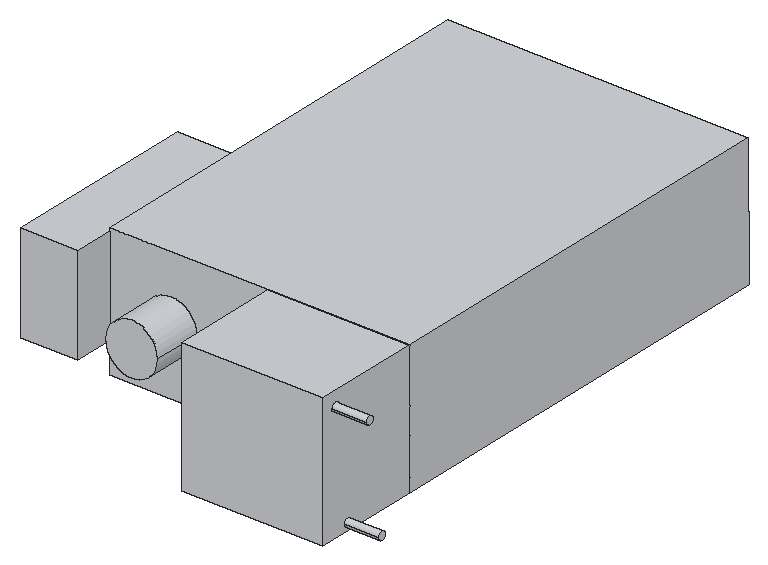
Revit family "QPTW (HWC on Induction Port)", category Mechanical Equipment, Revit 2016
Family settings
  Part Type = Normal
  Round Connector Dimension = Use Radius
  Work Plane-Based = No
  Always vertical = Yes
  Cut with Voids When Loaded = No
  Shared = No
  Room Calculation Point = No
Parameters (values of type "11706 QPTW 1/6-hp - 06" (IP)")
  Induction Height "D" = 15"
  HWC Depth 1-Row "Z" = 12 1/4"
  HWC Conn Top = [Discharge Height "Y"] - 15/16"  # 10 1/16"
  HWC Conn "E" = 1 37/64"
  HWC Conn "D" = 15/16"
  HWC Conn "C" = 1 39/64"
  HWC Conn "B" = 3 3/8"
  HWC Conn = 7/8"
  Discharge Height "Y" = 11"
  Discharge Width "X" = 11 1/2"
  Width = 34"
  URL = "http://www.anemostat.com"
  Radius = Diameter / 2  # 2 15/16"
  Model = "QPTW"
  Manufacturer = "Anemostat"
  Length = 30"
  Induction Width "C" = 16"
  Height = 15"
  Duct Inlet Radius = Radius + 1/32"  # 2 31/32"
  Discharge "Z" = 3"
  Diameter = 5 7/8"
  Description = "Series Fan Powered Air Terminal with Hot Water Coil"
Types (27): name | Induction Height "D" | HWC Conn Top | HWC Conn "C" | HWC Conn "B" | HWC Conn | Discharge Height "Y" | Discharge Width "X" | Width | Radius | Length | Induction Width "C" | Height | Duct Inlet Radius | Discharge "Z" | Diameter
  (no name) | 15" | 10 1/16" | 1 39/64" | 3 3/8" | 7/8" | 11" | 11 1/2" | 34" | 2 15/16" | 30" | 16" | 15" | 2 31/32" | 3" | 5 7/8"
  11706 QPTW 1/6-hp - 06" (IP) | 15" | 10 1/16" | 1 39/64" | 3 3/8" | 7/8" | 11" | 11 1/2" | 34" | 2 15/16" | 30" | 16" | 15" | 2 31/32" | 3" | 5 7/8"
  11707 QPTW 1/6-hp - 07" (IP) | 15" | 10 1/16" | 1 39/64" | 3 3/8" | 1" | 11" | 11 1/2" | 34" | 3 7/16" | 30" | 16" | 15" | 3 15/32" | 3" | 6 7/8"
  11708 QPTW 1/6-hp - 08" (IP) | 15" | 10 1/16" | 1 39/64" | 3 3/8" | 1" | 11" | 11 1/2" | 34" | 3 15/16" | 30" | 16" | 15" | 3 31/32" | 3" | 7 7/8"
  12508 QPTW 1/4-hp - 08" (IP) | 15" | 10 1/16" | 1 5/8" | 3 25/64" | 1" | 11" | 11 1/2" | 34" | 3 15/16" | 30" | 16" | 15" | 3 31/32" | 3" | 7 7/8"
  12509 QPTW 1/4-hp - 09" (IP) | 15" | 10 1/16" | 1 5/8" | 3 25/64" | 1" | 11" | 11 1/2" | 34" | 4 7/16" | 30" | 16" | 15" | 4 15/32" | 3" | 8 7/8"
  11709 QPTW 1/6-hp - 09" (IP) | 15" | 10 1/16" | 1 39/64" | 3 3/8" | 1" | 11" | 11 1/2" | 34" | 4 7/16" | 30" | 16" | 15" | 4 15/32" | 3" | 8 7/8"
  12506 QPTW 1/4-hp - 06" (IP) | 15" | 10 1/16" | 1 5/8" | 3 25/64" | 1" | 11" | 11 1/2" | 34" | 2 15/16" | 30" | 16" | 15" | 2 31/32" | 3" | 5 7/8"
  12507 QPTW 1/4-hp - 07" (IP) | 15" | 10 1/16" | 1 5/8" | 3 25/64" | 1" | 11" | 11 1/2" | 34" | 3 7/16" | 30" | 16" | 15" | 3 15/32" | 3" | 6 7/8"
  21709 QPTW 1/6-hp - 09" (IP) | 17 1/2" | 11 1/16" | 1 39/64" | 3 3/8" | 1" | 12" | 14" | 40" | 4 7/16" | 34" | 20" | 18" | 4 15/32" | 3" | 8 7/8"
  21710 QPTW 1/6-hp - 10" (IP) | 17 1/2" | 11 1/16" | 1 39/64" | 3 3/8" | 1" | 12" | 14" | 40" | 4 15/16" | 34" | 20" | 18" | 4 31/32" | 3" | 9 7/8"
  21712 QPTW 1/6-hp - 12" (IP) | 17 1/2" | 11 1/16" | 1 39/64" | 3 3/8" | 1" | 12" | 14" | 40" | 5 15/16" | 34" | 20" | 18" | 5 31/32" | 3" | 11 7/8"
  22509 QPTW 1/4-hp - 09" (IP) | 17 1/2" | 11 1/16" | 1 39/64" | 3 3/8" | 1" | 12" | 14" | 40" | 4 7/16" | 34" | 20" | 18" | 4 15/32" | 3" | 8 7/8"
  22510 QPTW 1/4-hp - 10" (IP) | 17 1/2" | 11 1/16" | 1 39/64" | 3 3/8" | 1" | 12" | 14" | 40" | 4 15/16" | 34" | 20" | 18" | 4 31/32" | 3" | 9 7/8"
  22512 QPTW 1/4-hp - 12" (IP) | 17 1/2" | 11 1/16" | 1 39/64" | 3 3/8" | 1" | 12" | 14" | 40" | 5 15/16" | 34" | 20" | 18" | 5 31/32" | 3" | 11 7/8"
  25009 QPTW 1/2-hp - 09" (IP) | 17 1/2" | 11 1/16" | 1 39/64" | 3 3/8" | 1" | 12" | 14" | 40" | 4 7/16" | 34" | 20" | 18" | 4 15/32" | 3" | 8 7/8"
  25010 QPTW 1/2-hp - 10" (IP) | 17 1/2" | 11 1/16" | 1 39/64" | 3 3/8" | 1" | 12" | 14" | 40" | 4 15/16" | 34" | 20" | 18" | 4 31/32" | 3" | 9 7/8"
  25012 QPTW 1/2-hp - 12" (IP) | 17 1/2" | 11 1/16" | 1 39/64" | 3 3/8" | 1" | 12" | 14" | 40" | 5 15/16" | 34" | 20" | 18" | 5 31/32" | 3" | 11 7/8"
  35012 QPTW 1/2-hp - 12" (IP) | 17 1/2" | 15 1/16" | 1 39/64" | 3 3/8" | 1" | 16" | 19" | 46" | 5 15/16" | 40" | 24" | 20" | 5 31/32" | 2 1/4" | 11 7/8"
  35014 QPTW 1/2-hp - 14" (IP) | 17 1/2" | 15 1/16" | 1 39/64" | 3 3/8" | 1" | 16" | 19" | 46" | 6 15/16" | 40" | 24" | 20" | 6 31/32" | 2 1/4" | 13 7/8"
  35016 QPTW 1/2-hp - 16" (IP) | 17 1/2" | 15 1/16" | 1 39/64" | 3 3/8" | 1" | 16" | 19" | 46" | 7 15/16" | 40" | 24" | 20" | 7 31/32" | 2 1/4" | 15 7/8"
  37512 QPTW 3/4-hp - 12" (IP) | 17 1/2" | 15 1/16" | 1 39/64" | 3 3/8" | 1" | 16" | 19" | 46" | 5 15/16" | 40" | 24" | 20" | 5 31/32" | 2 1/4" | 11 7/8"
  37514 QPTW 3/4-hp - 14" (IP) | 17 1/2" | 15 1/16" | 1 39/64" | 3 3/8" | 1" | 16" | 19" | 46" | 6 15/16" | 40" | 24" | 20" | 6 31/32" | 2 1/4" | 13 7/8"
  37516 QPTW 3/4-hp - 16" (IP) | 17 1/2" | 15 1/16" | 1 39/64" | 3 3/8" | 1" | 16" | 19" | 46" | 7 15/16" | 40" | 24" | 20" | 7 31/32" | 2 1/4" | 15 7/8"
  31012 QPTW 1-hp - 12" (IP) | 17 1/2" | 15 1/16" | 1 39/64" | 3 3/8" | 1" | 16" | 19" | 46" | 5 15/16" | 40" | 24" | 20" | 5 31/32" | 2 1/4" | 11 7/8"
  31014 QPTW 1-hp - 14" (IP) | 17 1/2" | 15 1/16" | 1 39/64" | 3 3/8" | 1" | 16" | 19" | 46" | 6 15/16" | 40" | 24" | 20" | 6 31/32" | 2 1/4" | 13 7/8"
  31016 QPTW 1-hp - 16" (IP) | 17 1/2" | 15 1/16" | 1 39/64" | 3 3/8" | 1" | 16" | 19" | 46" | 7 15/16" | 40" | 24" | 20" | 7 31/32" | 2 1/4" | 15 7/8"
Reference planes (in)
  plane 1 "Center (Front/Back)": y = 0
  plane 2: z = 0
  plane 3 "Center (Left/Right)": x = 0
  plane 4 "Right Face": x = 17
  plane 5 "Left Face": x = -17
  plane 6 "Horiz. Centerline": z = 7.5
  plane 7 "Top of Box": z = 15
  plane 8 "Inlet Left Edge": x = -13
  plane 9: y = -5.5
  plane 10: x = -10.0625
  plane 11: z = 3.5
  plane 12: z = 14.625
  plane 13: y = -4.5
  plane 14: y = 17.75
  plane 15: z = 3.4375
  plane 16: x = 1
  plane 17: z = 0
  plane 18: y = -12.25
  plane 19: y = -10.64062
  plane 20: z = 13.42188
  plane 21: y = -8.875
  plane 22: z = 0.9375
  plane 23: x = -14
  plane 24: z = 1.25
  plane 25 "Back of Box": y = 48
  plane 26: z = 12.25
  plane 27: x = -2.5
Forms (in)
  Extrusion 1, solid
    sketch origin (0, 0, 0) x (1, 0, 0) y (0, 0, 1)
      loop
        line (-17, 15) -> (-17, 0) -> (17, 0) -> (17, 15) -> (-17, 15)
    from 0 to -48
  Extrusion 2, solid
    sketch origin (0, 0, 0) x (1, 0, 0) y (0, 0, 1)
      loop
        circle (-10.0625, 7.5) r 2.9375
    from 0 to 5.5
  Extrusion 3, solid
    sketch origin (-17, 0, 0) x (0, -1, 0) y (0, 0, 1)
      loop
        line (4.5, 3.5) -> (4.5, 14.625) -> (-17.75, 14.625) -> (-17.75, 3.5) -> (4.5, 3.5)
    from 0 to 6.5
  Extrusion 4, solid
    sketch origin (0, 0, 0) x (1, 0, 0) y (0, 0, 1)
      loop
        line (17, 15) -> (1, 15) -> (1, 0) -> (17, 0) -> (17, 15)
    from 0 to 12.25 <- "HWC Depth 1-Row "Z""
  Extrusion 5, solid
    sketch origin (17, 0, 0) x (0, 1, 0) y (0, 0, 1)
      loop
        circle (-10.64063, 13.42188) r 0.4375
    from 0 to 4
  Extrusion 6, solid
    sketch origin (17, 0, 0) x (0, 1, 0) y (0, 0, 1)
      loop
        circle (-8.875, 0.9375) r 0.4375
    from 0 to 4
  Extrusion 7, solid
    sketch origin (0, 48, 0) x (0, 0, 1) y (-1, 0, 0)
      loop
        line (1.25, 14) -> (1.25, 2.5) -> (12.25, 2.5) -> (12.25, 14) -> (1.25, 14)
    from 0 to -0.5
Dimensions and locks (in)
  "Width": plane 5 "Left Face" to plane 4 "Right Face"
  "Height": plane 7 "Top of Box" to level
  equal spacing: plane 7 "Top of Box", plane 6 "Horiz. Centerline", level
  equal spacing: plane 5 "Left Face", plane 3 "Center (Left/Right)", plane 4 "Right Face"
  locked: plane 5 "Left Face" to plane 8 "Inlet Left Edge" at 4
  "Radius": plane 10 to plane 8 "Inlet Left Edge"
  locked: plane 11 to plane 2 at 3.5
  locked: plane 12 to plane 11 at 11.125
  locked: plane 1 "Center (Front/Back)" to plane 13 at 4.5
  locked: plane 14 to plane 13 at 22.25
  "Induction Width "C"": plane 4 "Right Face" to plane 16
  "Induction Height "D"": plane 7 "Top of Box" to plane 17
  "HWC Depth 1-Row "Z"": plane 18 to plane 1 "Center (Front/Back)"
  "HWC Conn "C"": plane 18 to plane 19
  "HWC Conn "E"": plane 7 "Top of Box" to plane 20
  "HWC Conn "B"": plane 18 to plane 21
  "HWC Conn "D"": plane 22 to level
  "Discharge "Z"": plane 23 to plane 5 "Left Face"
  plane 22 to plane 15 = 2 1/2"
  locked: level to plane 24 at 1.25
  "Discharge Height "Y"": plane 24 to plane 26
  "Discharge Width "X"": plane 27 to plane 23
  "Radius": radius of Extrusion 2 sketch curve
  aligned and locked: plane 13 to Extrusion 3 sketch curve
  aligned and locked: plane 11 to Extrusion 3 sketch curve
  aligned and locked: plane 12 to Extrusion 3 sketch curve
  aligned and locked: plane 14 to Extrusion 3 sketch curve
  aligned and locked: Extrusion 4 sketch curve to Extrusion 1  (x2)
  aligned and locked: plane 25 "Back of Box" to Extrusion 1
  aligned and locked: plane 24 to Extrusion 7 sketch curve
  aligned and locked: Extrusion 7 sketch curve to plane 23
  aligned and locked: plane 26 to Extrusion 7 sketch curve
  aligned and locked: plane 27 to Extrusion 7 sketch curve
Automatic sketch dimensions
  Extrusion 1 sketch curve to level = 0"
  plane 5 "Left Face" to Extrusion 1 sketch curve = 0"
  Extrusion 1 sketch curve to plane 4 "Right Face" = 0"
  plane 7 "Top of Box" to Extrusion 1 sketch curve = 0"
  Extrusion 2 sketch curve to plane 6 "Horiz. Centerline" = 0"
  Extrusion 2 sketch curve to plane 10 = 0"
  Extrusion 4 sketch curve to plane 16 = 0"
  Extrusion 4 sketch curve to level = 0"
  Extrusion 5 sketch curve to plane 19 = 0"
  Extrusion 5 sketch curve to plane 20 = 0"
  Extrusion 6 sketch curve to plane 21 = 0"
  Extrusion 6 sketch curve to plane 22 = 0"
  radius of Extrusion 5 sketch curve = 7/16"
  radius of Extrusion 6 sketch curve = 7/16"
Connectors (in)
  hvac at (-10.0625, -5.5, 7.5), driven by "Duct Inlet Radius"
    settings: on Extrusion 2, index 1, duct flow 0 CFM, flow factor 0, pres drop 0.00 in-wg, loss coef 0, conn angle 0.00°, conn width 12", conn height 12", conn diameter 5 15/16", duct sys type 1, conn prof type 0, flow config 0, flow direction 0, loss method 0, conn ref index -1, conn util no, is conn primary yes, conn desc ""
  hvac at (-8.25, 48.5, 6.75), driven by "Discharge Height "Y"", driven by "Discharge Width "X""
    settings: on Extrusion 7, index 2, duct flow 0 CFM, flow factor 0, pres drop 0.00 in-wg, loss coef 0, conn angle 0.00°, conn width 11 1/2", conn height 11", conn diameter 24", duct sys type 1, conn prof type 1, flow config 0, flow direction 0, loss method 0, conn ref index -1, conn util no, is conn primary no, conn desc ""
